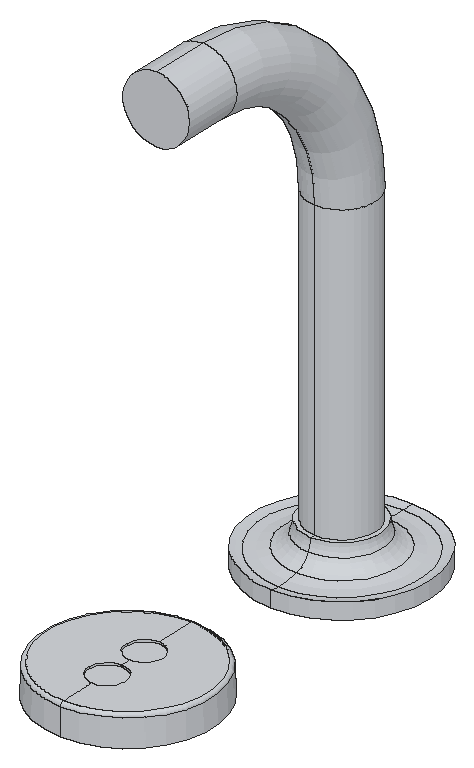
Revit family "Faucet-Wall_Mount-KOHLER-Purist-K-T11841", category Plumbing Fixtures, host Face, Revit 2015
Parameters (values of type "CP-Polished Chrome")
  Width = 1 251/256"  # constant formula
  Waste Water Outlet = "Waste Water Outlet"  # constant formula
  Waste Connection = no
  Vent Connection = no
  URL = "https://www.us.kohler.com/us/"
  Type = 1
  Spout Reach = 5 179/256"  # constant formula
  Product Page URL = "http://www.us.kohler.com/us/catalog/productDetails.jsp?productNumber=T11841"
  Product Name = "Purist"  # constant formula
  Product Documentation Link = "https://www.us.kohler.com/webassets/kpna/catalog/pdf/en/1114829_4.pdf"
  Pressure = 0.00 psi
  Model = if(Type = 1, "K-T11841-CP", if(Type = 2, "K-T11841-VS", "NA"))  # "K-T11841-CP"
  Material = "Brass construction"  # constant formula
  MasterFormat 2004 = "22.41.39"  # constant formula
  MasterFormat 1995 = "15410"  # constant formula
  Manufacturer Address = "444 Highland Dr, Kohler, WI 53044"  # constant formula
  Manufacturer = "KOHLER Co."  # constant formula
  Length = 6 3/32"  # constant formula
  Hot Water Inlet = "Hot Water Inlet"  # constant formula
  Height = 4 239/256"  # constant formula
  HW Connection = yes
  Flow Rate = 0.5 GPM  # constant formula
  Finish = Kohler-Metal-CP-Polished_Chrome
  Faucet Hole Spacing = 0"
  Environmental Product Declaration = ""
  Description = "Wall-mount commercial bathroom sink faucet trim with 6Inch 90-degree spout and Insight™ technology"  # constant formula
  Default Elevation = 36"
  Declare Label = ""
  Date Modified = "01/15/2018"  # constant formula
  Date Created = "01/15/2018"  # constant formula
  Copyright = "Copyright KOHLER Co."  # constant formula
  Contact Us = "https://www.us.kohler.com/us/static/contact.jsp"
  Cold Water Inlet = "Cold Water Inlet"  # constant formula
  CW Connection = 1 = 0  # no
  Assembly Code = "D2020"
  ADA Compliant = yes
Types (3): name | Type | Product Page URL | Model | Finish
  (no name) | 1 | "http://www.us.kohler.com/us/catalog/productDetails.jsp?productNumber=T11841" | "K-T11841-CP" | Kohler-Metal-CP-Polished_Chrome
  CP-Polished Chrome | 1 | "http://www.us.kohler.com/us/catalog/productDetails.jsp?productNumber=T11841" | "K-T11841-CP" | Kohler-Metal-CP-Polished_Chrome
  VS-Stainless Steel | 2 | "http://www.us.kohler.com/us/catalog/productDetails.jsp?productNumber=T11839" | "K-T11841-VS" | Kohler-Metal-VS-Vibrant_Stainless
Reference planes (in)
  plane 1 "Center (Front/Back)": y = 0
  plane 2: z = 0
  plane 3 "Center (Left/Right)": x = 0
  plane 4: y = 0.99
  plane 5: y = -3.94359
  plane 6: x = -0.98963
  plane 7: x = 0.99084
  plane 8: z = 5.69922
  plane 9: z = 6.09375
Dimensions and locks (in)
  "Height": plane 4 to plane 5
  "Width": plane 6 to plane 7
  "Spout Reach": plane 8 to plane 2
  "Length": plane 9 to plane 2
  aligned and locked: plane 2 to host face
  aligned and locked: level to host face
Automatic sketch dimensions
  host sketch curve to host sketch curve = 96"  (x2)
Nested families (in)
  nested 1: "K-T11841" at (0, 0, 0), type "K-T11841"
Connectors (in)
  piping at (0, 0, 0), diameter 0.375, driven by "Flow Rate", driven by "HW Connection"
    settings: on nested 1, index 1, connector inside diameter 24", connector length 0", flow factor 0, pipe flow 0.5 GPM, pressure drop 0.00 psi, fitting loss kfactor 0, connector angle 0.00°, fixture units 0, engagement length 0", angle of deflection 0.00°, flow configuration 1, flow direction 1, fitting loss method 0, system type 19, joint type 0, gender type 0, connector reference index -1, connector utility 1, adjustable connector no, is connector primary yes, connector description "Tempered Water Inlet"
Definition of nested family "K-T11841"
  Parameters (values of type "K-T11841")
    Material = none
  Reference planes (in)
    plane 1 "Center (Front/Back)": y = 0
    plane 2: z = 0
    plane 3 "Center (Left/Right)": x = 0
  Forms (in)
    Revolve 1, solid, material <- "Material"
      sketch origin (0, 0, 0) x (0, 1, 0) y (0, 0, 1)
        loop
          line (0, 0) -> (0.99, 0) -> (0.99, 0.18032)
          arc (0.99, 0.18032) -> (0.93502, 0.16859) -> (0.87912, 0.16269) r 0.53519
          arc (0.87912, 0.16269) -> (0.75379, 0.16668) -> (0.63091, 0.1917) r 0.74309
          arc (0.63091, 0.1917) -> (0.5333, 0.24299) -> (0.4631, 0.32803) r 0.27961
          arc (0.4631, 0.32803) -> (0.4384, 0.39197) -> (0.43, 0.46) r 0.27961
          line (0.43, 0.46) -> (0, 0.46) -> (0, 0)
        axis (0, 0.46) -> (0, 0)
      angle from 0 to 360
    Sweep 2, solid, material <- "Material"
      path origin (0, 0, -2.78955) x (0, 1, 0) y (0, 0, 1)
        loop
          line (-2.5981, 8.50805) -> (-1.94, 8.50805)
          arc (-1.94, 8.50805) -> (-0.56821, 7.93984) -> (0, 6.56805) r 1.94
          line (0, 6.56805) -> (0, 3.15385)
      profile origin (0, 0, 2.0714) x (1, 0, 0) y (0, 1, 0)
        loop
          circle (0, 0) r 0.375
    Revolve 3, solid, material <- "Material"
      sketch origin (0, 0, 0) x (0, 1, 0) y (0, 0, 1)
        loop
          line (-3, 0) -> (-2.05512, 0) -> (-2.0604, 0.30274)
          arc (-2.0604, 0.30274) -> (-2.0725, 0.33091) -> (-2.10088, 0.34252) r 0.04048
          line (-2.10088, 0.34252) -> (-3, 0.34252) -> (-3, 0)
        axis (-3, 0.34252) -> (-3, 0)
      angle from 0 to 360
    Extrusion 4, void
      sketch origin (0, 0, 0) x (1, 0, 0) y (0, 1, 0)
        loop
          circle (0.00065, -2.7641) r 0.20619
        loop
          circle (0.00065, -3.29362) r 0.20619
      from 0.32283 to 0.34252
  Cuts and joins
    Extrusion 4 cuts Revolve 3
    joined: Revolve 1, Sweep 2, Revolve 3
  Lines and regions (in)
    Masking region 1
      outline origin (0, 0, 0) x (1, 0, 0) y (0, 0, 1)
        loop
          line (-0.37508, 5.7185) -> (-0.37508, 0.46) -> (-0.43, 0.46)
          arc (-0.43, 0.46) -> (-0.43681, 0.39974) -> (-0.45691, 0.34252) r 0.26991
          line (-0.45691, 0.34252) -> (-0.93661, 0.34252) -> (-0.94053, 0.18034) -> (-0.98963, 0.18034) -> (-0.98963, 0) -> (0.98963, 0) -> (0.98963, 0.18034) -> (0.94053, 0.18034) -> (0.93661, 0.34252) -> (0.45691, 0.34252)
          arc (0.45691, 0.34252) -> (0.43681, 0.39974) -> (0.43, 0.46) r 0.26991
          line (0.43, 0.46) -> (0.37492, 0.46) -> (0.37492, 5.7185)
          arc (0.37492, 5.7185) -> (-0.00008, 6.0935) -> (-0.37508, 5.7185) r 0.375
    Masking region 2
      outline origin (0, 0, 0) x (0, 1, 0) y (0, 0, 1)
        loop
          line (-2.605, 6.0935) -> (-2.605, 5.3435) -> (-1.93788, 5.3435)
          arc (-1.93788, 5.3435) -> (-0.83275, 4.88574) -> (-0.37499, 3.78061) r 1.56289
          line (-0.37499, 3.78061) -> (-0.37499, 0.46) -> (-0.43, 0.46)
          arc (-0.43, 0.46) -> (-0.4981, 0.27585) -> (-0.66964, 0.18032) r 0.28303
          line (-0.66964, 0.18032) -> (-0.99, 0.18032) -> (-0.99, 0) -> (0.99, 0) -> (0.99, 0.18032) -> (0.66964, 0.18032)
          arc (0.66964, 0.18032) -> (0.4981, 0.27585) -> (0.43, 0.46) r 0.28303
          line (0.43, 0.46) -> (0.37503, 0.46) -> (0.37503, 3.77931)
          arc (0.37503, 3.77931) -> (-0.30278, 5.41569) -> (-1.93916, 6.0935) r 2.31419
          line (-1.93916, 6.0935) -> (-2.605, 6.0935)
        loop
          line (-2.05512, 0) -> (-2.06041, 0.30306)
          arc (-2.06041, 0.30306) -> (-2.07241, 0.331) -> (-2.10056, 0.34252) r 0.04016
          line (-2.10056, 0.34252) -> (-3.89944, 0.34252)
          arc (-3.89944, 0.34252) -> (-3.92759, 0.331) -> (-3.93959, 0.30306) r 0.04016
          line (-3.93959, 0.30306) -> (-3.94488, 0) -> (-2.05512, 0)
    Masking region 3
      outline origin (0, 0, 0) x (1, 0, 0) y (0, 1, 0)
        loop
          arc (0, 0.99) -> (-0.97138, 0.19109) -> (-0.375, -0.91623) r 0.99
          line (-0.375, -0.91623) -> (-0.375, -2.13272)
          arc (-0.375, -2.13272) -> (-0.92528, -3.19147) -> (0, -3.94488) r 0.94488
          arc (0, -3.94488) -> (0.92528, -3.19147) -> (0.375, -2.13272) r 0.94488
          line (0.375, -2.13272) -> (0.375, -0.91623)
          arc (0.375, -0.91623) -> (0.97138, 0.19109) -> (0, 0.99) r 0.99
    symbolic lines, detail levels medium+fine
      curve 1: line (-0.45691, 0, 0.34252) -> (0.45691, 0, 0.34252)
      curve 2: line (-0.375, 0, 0.46) -> (0.375, 0, 0.46)
      curve 3: arc (0.375, 0, 5.7185) -> (0, 0, 5.3435) -> (-0.375, 0, 5.7185) r 0.375
      curve 4: line (-0.94053, 0, 0.18034) -> (-0.94053, 0, 0)
      curve 5: line (0.94053, 0, 0.18034) -> (0.94053, 0, 0)
      curve 6: line (0, 0.66964, 0.18032) -> (0, -0.66964, 0.18032)
      curve 7: line (0, 0.37503, 0.46) -> (0, -0.37499, 0.46)
      curve 8: arc (0, 0.43, 0) -> (0.37107, 0.21728, 0) -> (0.375, -0.21042, 0) r 0.43
      curve 9: arc (-0.375, -0.21042, 0) -> (-0.37107, 0.21728, 0) -> (0, 0.43, 0) r 0.43
      curve 10: arc (0, 0.375, 0) -> (-0.26517, 0.26517, 0) -> (-0.375, 0, 0) r 0.375
      curve 11: arc (0.375, 0, 0) -> (0.26517, 0.26517, 0) -> (0, 0.375, 0) r 0.375
      curve 12: line (-0.375, -2.605, 0) -> (0.375, -2.605, 0)
      curve 13: line (-0.375, -2.605, 0) -> (-0.375, 0, 0)
      curve 14: line (0.375, -2.605, 0) -> (0.375, 0, 0)
      curve 15: circle (0.00065, -3.29362, 0) r 0.20619 normal (0, 0, 1)
      curve 16: arc (-0.13049, -2.605, 0) -> (0.00065, -2.97029, 0) -> (0.1318, -2.605, 0) r 0.20619
  Dimensions and locks (in)
    aligned and locked: plane 2 to level
